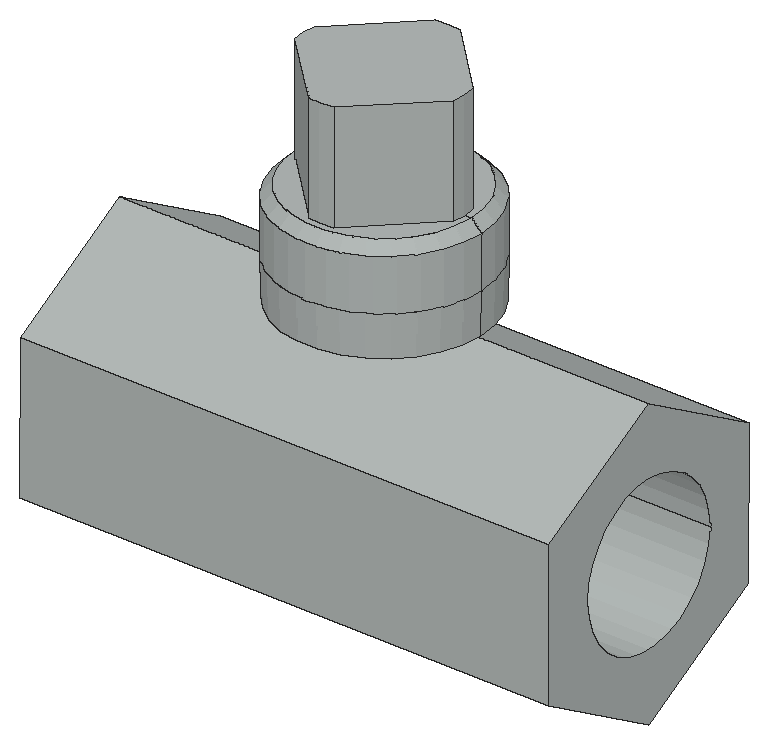
Revit family "QL10500000", category Apparecchi idraulici, Revit 2020
Family settings
  Quota connettore circolare = Usa diametro
  Tipo di parte = Normale
  Numero OmniClass = 23.45.00.00
  Titolo OmniClass = Sanitary, Laundry, and Cleaning Equipment
  Basato su piano di lavoro = No
  Sempre verticale = Sì
  Taglio con vuoti quando caricato = No
  Condiviso = No
  Punto di calcolo locali = No
Parameters
  URL = "https://web.cimberio.com/index.php/figura/34?subcategoria_id=47"
  Temperatura di esercizio = "-20 ÷ 95°C"
  Prospetto di default = 0 mm
  Produttore = "CIMBERIO SPA"
  Pressione nominale = "PN 150"
  Modello = "Cim 013"
  Materiale = "Prodotto in lega di ottone conforme alla norma EN 12165-CW617N-DW"
  Descrizione = "Realizzato in ottemperanza ai requisiti gestionali della norma EN ISO 9001.\r\nUtilizzato per la regolazione della temperatura degli ambienti e comandare apparecchi degli impianti di riscaldamento e condizionamento."
  DN Model [instance] = QL10501015 : QL10501015
  DN [instance] = 15 mm
  Commenti sul tipo = "Utilizzato nei più svariati settori dell'impiantistica: impianti di riscaldamento, condizionamento, idrici, igienico-sanitari, aria compressa e in generale con ogni fluido non corrosivo"
Reference planes
  plane 1 "Centro (Fronte/Retro)": y = 0
  plane 2: z = 0
  plane 3 "Centro (Sinistra/Destra)": x = 0
Dimensions and locks
  aligned and locked: level to plane 2
Nested families
  nested 1: "QL10501015" at (0, 0, 0), type <- "DN Model", type "QL10501015"
  nested 2: "QL10501015" at (0, 0, 0), type <- "DN Model", type "QL10501015"
  nested 3: "QL10501015" at (0, 0, 0), type <- "DN Model", type "QL10501015"
Connectors
  piping at (25.75, 0, 14), diameter 15, driven by "DN"
    settings: on nested 1, index 1, connector inside diameter 609.6 mm, connector length 0 mm, flow factor 0, pipe flow 0.0 L/s, pressure drop 0.0 Pa, fitting loss kfactor 0, connector angle 0.00°, fixture units 0, engagement length 0 mm, angle of deflection 0.00°, flow configuration 0, flow direction 0, fitting loss method 0, system type 7, joint type 0, gender type 0, connector reference index -1, connector utility 0, adjustable connector no, is connector primary yes, connector description ""
  piping at (-25.75, 0, 14), diameter 15, driven by "DN"
    settings: on nested 1, index 2, connector inside diameter 609.6 mm, connector length 0 mm, flow factor 0, pipe flow 0.0 L/s, pressure drop 0.0 Pa, fitting loss kfactor 0, connector angle 0.00°, fixture units 0, engagement length 0 mm, angle of deflection 0.00°, flow configuration 0, flow direction 0, fitting loss method 0, system type 7, joint type 0, gender type 0, connector reference index -1, connector utility 0, adjustable connector no, is connector primary no, connector description ""
Definition of nested family "QL10501015"
  Parameters (values of type "QL10501015")
    URL = "https://web.cimberio.com/index.php/figura/1418?subcategoria_id="
    Temperatura di esercizio = "-10 ÷ 110°C"
    Default Elevation = 0 mm
    Manufacturer = "CIMBERIO SPA"
    Pressione nominale = "PN 10"
    Model = "Cim 150VIC"
    Materiale = "Prodotto in lega di ottone conforme alla norma EN 12165-CW617N-DW"
    Description = "Utilizzato nei più svariati settori dell'impiantistica: impianti di riscaldamento, condizionamento, idrici, igienico-sanitari e in generale con ogni fluido non corrosivo"
    DN Model [instance] = HG00081015 : HG00081015
    DN [instance] = 15 mm
    Type Comments = "Realizzato in ottemperanza ai requisiti gestionali della norma EN ISO 9001.\r\nCollaudato al 100% secondo la normativa EN 12266-1"
  Reference planes
    plane 1 "Centro (Fronte/Retro)": y = 0
    plane 2: z = 0
    plane 3 "Centro (Sinistra/Destra)": x = 0
  Forms (mm)
    Extrusion 1, solid
      sketch origin (0, 0, 14) x (0, 1, 0) y (0, 0, 1)
        loop
          line (0, 14) -> (-12.124, 7) -> (-12.124, -7) -> (0, -14) -> (12.124, -7) -> (12.124, 7) -> (0, 14)
        loop
          circle (0, 0) r 7.5
      from -25.75 to 25.75
    Revolve 2, solid
      sketch origin (0, 0, 4.375) x (1, 0, 0) y (0, 0, 1)
        loop
          line (9.5, 32.758) -> (8.5, 33.758) -> (0, 33.758) -> (0, 23.8) -> (9.397, 23.8) -> (9.5, 27.758) -> (9.5, 32.758)
        axis (0, 33.758) -> (0, 23.8)
      angle from 0 to 360
    Extrusion 3, solid
      sketch origin (0, 0, 4.375) x (1, 0, 0) y (0, 1, 0)
        loop
          arc (-7.707, 1.199) -> (-7.8, -0.004) -> (-7.707, -1.207) r 7.8
          line (-7.707, -1.207) -> (-1.203, -7.711)
          arc (-1.203, -7.711) -> (0, -7.804) -> (1.203, -7.711) r 7.8
          line (1.203, -7.711) -> (7.707, -1.207)
          arc (7.707, -1.207) -> (7.8, -0.004) -> (7.707, 1.199) r 7.8
          line (7.707, 1.199) -> (1.203, 7.703)
          arc (1.203, 7.703) -> (0, 7.796) -> (-1.203, 7.703) r 7.8
          line (-1.203, 7.703) -> (-7.707, 1.199)
      from 33.758 to 44.258
  Dimensions and locks
    aligned and locked: level to plane 2
